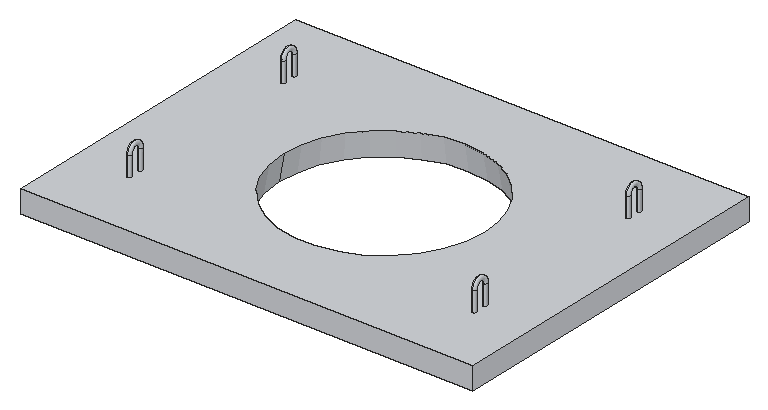
Revit family "110202-00007 Плита перекрытия колодца ККСр-1-10(80)", category Обобщенные модели, Revit 2019
Family settings
  Может служить основой для арматурных стержней = Нет
  Размер круглого соединителя = Использовать диаметр
  Тип детали = Нормальный
  На основе рабочей плоскости = Нет
  Всегда вертикально = Да
  При загрузке вырезать с полостями = Нет
  Общий = Нет
  Точка расчета площади = Нет
Parameters (values of type "Плита перекрытия колодца ККСр-1-10(80) (В25)")
  ADSK_Ширина [instance] = 1030 mm
  ADSK_Ссылка на сайт [instance] = "https://www.ssd.ru/plita-perekrytiya-kolodtsa-kksr-1-10-80-v25"
  ADSK_Сертификат соответствия = "https://www.ssd.ru/upload/iblock/83a/sert_b20_0221.pdf"
  ADSK_Наименование [instance] = "Плита перекрытия колодца ККСр-1-10(80) (В25)"
  ADSK_Масса = "195"
  ADSK_Марка бетона = "В25"
  ADSK_Марка [instance] = "ККСр-1-10(80)"
  ADSK_Код изделия [instance] = "110202-00016"
  ADSK_Завод-изготовитель = "\"АО СВЯЗЬСТРОЙДЕТАЛЬ\""
  ADSK_Длина [instance] = 1350 mm
  ADSK_Высота [instance] = 80 mm
  ADSK_Внутр.окр [instance] = 600 mm
  ADSK_b [instance] = 73 mm
Types (3, lengths in mm): name | ADSK_Ссылка на сайт | ADSK_Наименование | ADSK_Марка бетона | ADSK_Код изделия
  (no name) | "https://www.ssd.ru/plita-perekrytiya-kolodtsa-kksr-1-10-80-v25" | "Плита перекрытия колодца ККСр-1-10(80) (В25)" | "В25" | "110202-00016"
  Плита перекрытия колодца ККСр-1-10(80) | "https://www.ssd.ru/plita-perekrytiya-kolodtsa-kksr-1-10-80" | "Плита перекрытия колодца ККСр-1-10(80)" | "В20" | "110202-00007"
  Плита перекрытия колодца ККСр-1-10(80) (В25) | "https://www.ssd.ru/plita-perekrytiya-kolodtsa-kksr-1-10-80-v25" | "Плита перекрытия колодца ККСр-1-10(80) (В25)" | "В25" | "110202-00016"
Reference planes
  plane 1 "По центру (Вперед/Назад)": y = 0
  plane 2: z = -4.493
  plane 3 "По центру (Влево/Вправо)": x = 0
  plane 4: x = -675
  plane 5: x = 675
  plane 6: y = -515
  plane 7: y = 515
  plane 8: z = 75.507
Forms (mm)
  Extrusion 1, solid
    sketch origin (155, 5, 0) x (1, 0, 0) y (0, 1, 0)
      loop
        line (-830, 510) -> (-830, -520) -> (520, -520) -> (520, 510) -> (-830, 510)
    from -4.493 to 75.507
  Blend 2, void
    base sketch origin (0, 0, -4.493) x (1, 0, 0) y (0, 1, 0)
      loop
        circle (0, 0) r 315
    top sketch origin (0, 0, -4.493) x (1, 0, 0) y (0, 1, 0)
      loop
        circle (0, 0) r 300
    from 0 to 80
  Extrusion 3, void
    sketch origin (0, 0, 0) x (1, 0, 0) y (0, 0, 1)
      loop
        line (675, 10.507) -> (602, 10.507) -> (600, -4.493) -> (675, -4.493) -> (675, 10.507)
    from -515 to 515
  Extrusion 4, void
    sketch origin (0, 0, 0) x (-1, 0, 0) y (0, 0, -1)
      loop
        line (675, -10.507) -> (675, 4.493) -> (600, 4.493) -> (602, -10.507) -> (675, -10.507)
    from -515 to 515
  Extrusion 5, void
    sketch origin (42.5, -182.207, 0) x (0, 1, 0) y (0, 0, 1)
      loop
        line (697.207, 10.507) -> (626.207, 10.507) -> (624.207, -4.493) -> (697.207, -4.493) -> (697.207, 10.507)
    from -717.5 to 632.5
  Extrusion 6, void
    sketch origin (42.5, 182.207, 0) x (0, -1, 0) y (0, 0, -1)
      loop
        line (697.207, -10.507) -> (697.207, 4.493) -> (624.207, 4.493) -> (626.207, -10.507) -> (697.207, -10.507)
    from -717.5 to 632.5
  Sweep 7, solid
    path origin (0, -20, 20) x (0, 1, 0) y (0, 0, -1)
      loop
        line (327, -55.507) -> (327, -115.507)
        arc (327, -115.507) -> (307, -135.507) -> (287, -115.507) r 20
        line (287, -115.507) -> (287, -55.507)
    profile origin (0, 307, 105.507) x (0, 1, 0) y (-1, 0, 0)
      loop
        circle (0, 515) r 6
  Sweep 8, solid
    path origin (0, 20, 20) x (0, -1, 0) y (0, 0, 1)
      loop
        line (327, 55.507) -> (327, 115.507)
        arc (327, 115.507) -> (307, 135.507) -> (287, 115.507) r 20
        line (287, 115.507) -> (287, 55.507)
    profile origin (0, -307, 105.507) x (0, 1, 0) y (-1, 0, 0)
      loop
        circle (0, 515) r 6
  Sweep 9, solid
    path origin (0, -20, 20) x (0, 1, 0) y (0, 0, 1)
      loop
        line (327, 55.507) -> (327, 115.507)
        arc (327, 115.507) -> (307, 135.507) -> (287, 115.507) r 20
        line (287, 115.507) -> (287, 55.507)
    profile origin (0, 307, 105.507) x (0, -1, 0) y (1, 0, 0)
      loop
        circle (0, 515) r 6
  Sweep 10, solid
    path origin (0, 20, 20) x (0, -1, 0) y (0, 0, -1)
      loop
        line (327, -55.507) -> (327, -115.507)
        arc (327, -115.507) -> (307, -135.507) -> (287, -115.507) r 20
        line (287, -115.507) -> (287, -55.507)
    profile origin (0, -307, 105.507) x (0, -1, 0) y (1, 0, 0)
      loop
        circle (0, 515) r 6
Cuts and joins
  Blend 2, Extrusion 3, Extrusion 4, Extrusion 5, Extrusion 6 cuts Extrusion 1
Dimensions and locks
  "ADSK_Длина": plane 4 to plane 5
  "ADSK_Ширина": plane 7 to plane 6
  equal spacing: plane 4, plane 3 "По центру (Влево/Вправо)", plane 5, locked at 675 each
  equal spacing: plane 7, plane 1 "По центру (Вперед/Назад)", plane 6, locked at 515 each
  "ADSK_Высота": plane 2 to plane 8
  aligned and locked: level to plane 2
  aligned and locked: plane 8 to Extrusion 1
  aligned and locked: Extrusion 1 to Blend 2
  aligned and locked: plane 7 to Extrusion 3
  aligned and locked: Extrusion 3 to plane 6
  aligned and locked: plane 7 to Extrusion 4
  aligned and locked: Extrusion 4 to plane 6
  aligned and locked: Extrusion 5 to plane 4
  aligned and locked: plane 5 to Extrusion 5
  aligned and locked: plane 5 to Extrusion 6
  aligned and locked: Extrusion 6 to plane 4
  aligned and locked: Extrusion 1 to plane 6
  aligned and locked: plane 7 to Extrusion 1
  aligned and locked: plane 5 to Extrusion 1
  aligned and locked: Extrusion 1 to plane 4
Automatic sketch dimensions
  Extrusion 1 sketch curve to plane 4 = 0 mm
  Extrusion 1 sketch curve to plane 5 = 0 mm
  Extrusion 1 sketch curve to plane 6 = 0 mm
  Extrusion 1 sketch curve to plane 7 = 0 mm
  plane 1 "По центру (Вперед/Назад)" to Blend 2 sketch curve = 0 mm  (x2)
  Blend 2 sketch curve to plane 3 "По центру (Влево/Вправо)" = 0 mm  (x2)
  Extrusion 3 sketch curve to level = 0 mm
  Extrusion 3 sketch curve to plane 5 = 0 mm
  level to Extrusion 3 sketch curve = 15 mm
  Extrusion 3 sketch curve to Extrusion 3 sketch curve = 73 mm
  Extrusion 3 sketch curve to Extrusion 3 sketch curve = 2 mm
  Extrusion 4 sketch curve to level = 0 mm
  Extrusion 4 sketch curve to plane 4 = 0 mm
  level to Extrusion 4 sketch curve = 15 mm
  Extrusion 4 sketch curve to Extrusion 4 sketch curve = 73 mm
  Extrusion 4 sketch curve to Extrusion 4 sketch curve = 2 mm
  Extrusion 5 sketch curve to level = 0 mm
  Extrusion 5 sketch curve to plane 7 = 0 mm
  level to Extrusion 5 sketch curve = 15 mm
  Extrusion 5 sketch curve to plane 7 = 71 mm
  Extrusion 5 sketch curve to Extrusion 5 sketch curve = 2 mm
  Extrusion 6 sketch curve to level = 0 mm
  Extrusion 6 sketch curve to plane 6 = 0 mm
  level to Extrusion 6 sketch curve = 15 mm
  Extrusion 6 sketch curve to Extrusion 6 sketch curve = 71 mm
  Extrusion 6 sketch curve to Extrusion 6 sketch curve = 2 mm
  Sweep 7 sketch curve to plane 8 = 0 mm  (x2)
  plane 8 to Sweep 7 sketch curve = 60 mm
  Sweep 7 sketch curve to plane 7 = 248 mm
  Sweep 7 sketch curve to Sweep 7 sketch curve = 20 mm
  profile plane to Sweep 7 sketch curve = 0 mm
  profile plane to Sweep 7 sketch curve = 515 mm
  Sweep 8 sketch curve to plane 8 = 0 mm  (x2)
  plane 8 to Sweep 8 sketch curve = 60 mm
  plane 6 to Sweep 8 sketch curve = 248 mm
  Sweep 8 sketch curve to Sweep 8 sketch curve = 20 mm
  profile plane to Sweep 8 sketch curve = 0 mm
  profile plane to Sweep 8 sketch curve = 515 mm
  Sweep 9 sketch curve to plane 8 = 0 mm  (x2)
  plane 8 to Sweep 9 sketch curve = 60 mm
  Sweep 9 sketch curve to plane 7 = 248 mm
  Sweep 9 sketch curve to Sweep 9 sketch curve = 20 mm
  Sweep 9 sketch curve to profile plane = 0 mm
  profile plane to Sweep 9 sketch curve = 515 mm
  Sweep 10 sketch curve to plane 8 = 0 mm  (x2)
  plane 8 to Sweep 10 sketch curve = 60 mm
  plane 6 to Sweep 10 sketch curve = 248 mm
  Sweep 10 sketch curve to Sweep 10 sketch curve = 20 mm
  Sweep 10 sketch curve to profile plane = 0 mm
  profile plane to Sweep 10 sketch curve = 515 mm
  radius of Blend 2 sketch curve = 315 mm
  radius of Blend 2 sketch curve = 300 mm
  radius of Sweep 7 sketch curve = 6 mm
  radius of Sweep 8 sketch curve = 6 mm
  radius of Sweep 9 sketch curve = 6 mm
  radius of Sweep 10 sketch curve = 6 mm
